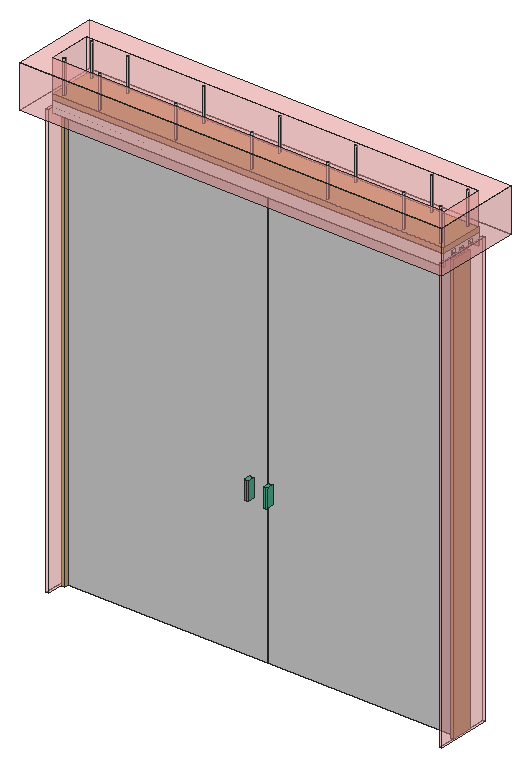
Revit family "Doors-Sliding_WON-DOOR_DuraSound_Manual_Fixed_New", category Doors, host Wall, Revit 2020 (continued)
Definition of nested family "First Part"
  Automatic sketch dimensions
    Masking region 5 sketch curve to Masking region 5 sketch curve = 0' - 0.0403"  (x2)
    Masking region 5 sketch curve to Masking region 5 sketch curve = 0' - 1.03937"  (x2)
    Masking region 5 sketch curve to Masking region 5 sketch curve = 0' - 0.09699"
    Masking region 5 sketch curve to curve 8 = 0' - 0.06953"  (x2)
    Masking region 5 sketch curve to Masking region 5 sketch curve = 0' - 0.05424"  (x2)
    Masking region 5 sketch curve to Masking region 5 sketch curve = 0' - 0.165"  (x2)
    Masking region 5 sketch curve to curve 8 = 0' - 0.23017"  (x2)
    Masking region 5 sketch curve to Masking region 5 sketch curve = 0' - 0.06654"  (x2)
    Masking region 5 sketch curve to Masking region 5 sketch curve = 0' - 0.22589"  (x2)
    Masking region 5 sketch curve to Masking region 5 sketch curve = 0' - 0.46464"
    Masking region 5 sketch curve to Masking region 5 sketch curve = 0' - 1.48"
    Masking region 5 sketch curve to Masking region 5 sketch curve = 0' - 1.52748"
    Masking region 5 sketch curve to Masking region 5 sketch curve = 0' - 0.02374"
    curve 8 to Masking region 5 sketch curve = 0' - 4.94096"
    Masking region 5 sketch curve to Masking region 5 sketch curve = 0' - 0.06801"
    Masking region 5 sketch curve to Masking region 5 sketch curve = 0' - 0.38446"
    Masking region 5 sketch curve to curve 8 = 0' - 0.36875"
    Masking region 5 sketch curve to Masking region 5 sketch curve = 0' - 0.215"
    Masking region 5 sketch curve to Masking region 5 sketch curve = 0' - 1.08364"
    Masking region 5 sketch curve to Masking region 5 sketch curve = 0' - 0.94238"
    curve 8 to Masking region 5 sketch curve = 0' - 4.20896"
    curve 8 to Masking region 5 sketch curve = 0' - 4.52396"
    Masking region 5 sketch curve to Masking region 5 sketch curve = 0' - 0.23546"
    curve 8 to Masking region 5 sketch curve = 0' - 4.91738"
    Masking region 5 sketch curve to Masking region 5 sketch curve = 0' - 0.42411"
    Masking region 5 sketch curve to Masking region 5 sketch curve = 0' - 0.44315"
    Masking region 5 sketch curve to Masking region 5 sketch curve = 0' - 0.48775"
    Masking region 5 sketch curve to Masking region 5 sketch curve = 0' - 0.69007"  (x2)
    Masking region 5 sketch curve to Masking region 5 sketch curve = 0' - 0.71285"
    curve 8 to Masking region 5 sketch curve = 0' - 6.42879"
    Masking region 5 sketch curve to Masking region 5 sketch curve = 0' - 0.315"  (x16)
    Masking region 5 sketch curve to Masking region 5 sketch curve = 0' - 0 1/4"  (x6)
    Masking region 5 sketch curve to Masking region 5 sketch curve = 0' - 0 81/256"
    Masking region 5 sketch curve to Masking region 5 sketch curve = 0' - 0.71661"  (x2)
    Masking region 5 sketch curve to Masking region 5 sketch curve = 0' - 0 1/8"  (x4)
    Masking region 5 sketch curve to Masking region 5 sketch curve = 0' - 0.624"  (x2)
    curve 8 to Masking region 5 sketch curve = 0' - 0.26799"
    Masking region 5 sketch curve to Masking region 5 sketch curve = 0' - 0.03859"  (x2)
    Masking region 5 sketch curve to curve 8 = 0' - 0.33017"
    Masking region 5 sketch curve to curve 8 = 0' - 0.55995"
    Masking region 5 sketch curve to Masking region 5 sketch curve = 0' - 0.35859"
    Masking region 5 sketch curve to Masking region 5 sketch curve = 0' - 0.395"  (x2)
    Masking region 3 sketch curve to Masking region 3 sketch curve = 0' - 0.48775"  (x2)
    Masking region 3 sketch curve to Masking region 3 sketch curve = 0' - 0"
    Masking region 3 sketch curve to Masking region 3 sketch curve = 0' - 0.395"
    Masking region 6 sketch curve to Masking region 6 sketch curve = 0' - 0 1/2"  (x2)
    Masking region 6 sketch curve to Masking region 6 sketch curve = 0' - 0.6683"
    plane 1 "Center (Front/Back)" to Masking region 6 sketch curve = 0' - 1.57856"
    plane 1 "Center (Front/Back)" to Masking region 6 sketch curve = 0' - 0.84517"
    Masking region 6 sketch curve to plane 1 "Center (Front/Back)" = 0' - 0.84517"
    Masking region 6 sketch curve to Masking region 6 sketch curve = 0' - 0.73339"
    Masking region 6 sketch curve to plane 1 "Center (Front/Back)" = 0' - 5.86722"
    curve 8 to Masking region 8 sketch curve = 0' - 4.05955"
    curve 8 to Masking region 8 sketch curve = 2' - 5.13278"
    Masking region 8 sketch curve to Masking region 8 sketch curve = 0' - 0"  (x19)
    Masking region 8 sketch curve to Masking region 8 sketch curve = 0' - 2.97322"
    Masking region 8 sketch curve to curve 8 = 0' - 0.38531"
    Masking region 8 sketch curve to Masking region 8 sketch curve = 0' - 1.604"
    Masking region 8 sketch curve to Masking region 8 sketch curve = 0' - 0.215"  (x2)
    Masking region 8 sketch curve to Masking region 8 sketch curve = 0' - 1.989"  (x2)
    Masking region 8 sketch curve to curve 8 = 0' - 0.03807"  (x2)
    Masking region 8 sketch curve to Masking region 8 sketch curve = 0' - 0.06484"
    Masking region 8 sketch curve to Masking region 8 sketch curve = 0' - 0.14126"  (x2)
    Masking region 8 sketch curve to Masking region 8 sketch curve = 0' - 0.02374"  (x3)
    Masking region 8 sketch curve to Masking region 8 sketch curve = 0' - 0.14962"  (x2)
    Masking region 8 sketch curve to Masking region 8 sketch curve = 0' - 1.38107"
    Masking region 8 sketch curve to Masking region 8 sketch curve = 0' - 1.48"
    Masking region 8 sketch curve to Masking region 8 sketch curve = 0' - 0.165"
    Masking region 8 sketch curve to Masking region 8 sketch curve = 0' - 0.23484"
    Masking region 8 sketch curve to Masking region 8 sketch curve = 0' - 2.98878"
    curve 8 to Masking region 8 sketch curve = 0' - 4.28597"
    Masking region 8 sketch curve to Masking region 8 sketch curve = 0' - 0.22642"  (x2)
    Masking region 8 sketch curve to Masking region 8 sketch curve = 0' - 0.315"  (x13)
    Masking region 8 sketch curve to Masking region 8 sketch curve = 0' - 0 1/4"  (x4)
    Masking region 8 sketch curve to Masking region 8 sketch curve = 0' - 0 81/256"  (x4)
    Masking region 8 sketch curve to Masking region 8 sketch curve = 0' - 0.84161"  (x2)
    Masking region 8 sketch curve to Masking region 8 sketch curve = 0' - 1"  (x2)
    curve 8 to Masking region 8 sketch curve = 0' - 0.26799"
    curve 8 to Masking region 8 sketch curve = 0' - 0.03929"  (x2)
    Masking region 8 sketch curve to Masking region 8 sketch curve = 0' - 0.19209"
    Masking region 8 sketch curve to Masking region 8 sketch curve = 0' - 0.08824"  (x2)
    Masking region 8 sketch curve to curve 8 = 0' - 0.29707"
    Masking region 8 sketch curve to Masking region 8 sketch curve = 0' - 0.73703"  (x2)
    Masking region 6 sketch curve to Masking region 6 sketch curve = 0' - 2.98878"
    Masking region 7 sketch curve to curve 1 = 0' - 2.5483"
    Masking region 7 sketch curve to curve 1 = 0' - 5.86722"
    Masking region 7 sketch curve to Masking region 7 sketch curve = 0' - 0"  (x18)
    Masking region 7 sketch curve to curve 1 = 0' - 1.57856"
    Masking region 7 sketch curve to Masking region 7 sketch curve = 0' - 0 1/32"  (x6)
    Masking region 7 sketch curve to Masking region 7 sketch curve = 0' - 0.70214"  (x2)
    Masking region 7 sketch curve to Masking region 7 sketch curve = 0' - 0 5/64"  (x2)
    Masking region 7 sketch curve to curve 1 = 0' - 0.76374"
    Masking region 7 sketch curve to Masking region 7 sketch curve = 0' - 0.00331"  (x2)
    Masking region 7 sketch curve to curve 1 = 0' - 0.10981"
    curve 1 to Masking region 7 sketch curve = 0' - 0.07856"
    curve 1 to Masking region 7 sketch curve = 0' - 0.76374"  (x2)
    Masking region 7 sketch curve to curve 1 = 0' - 1.9183"
    Masking region 7 sketch curve to Masking region 7 sketch curve = 0' - 4.30422"
    Masking region 7 sketch curve to curve 1 = 0' - 1 1/4"
    Masking region 7 sketch curve to Masking region 7 sketch curve = 0' - 0.6683"
    Masking region 7 sketch curve to Masking region 7 sketch curve = 0' - 0 15/32"  (x2)
    curve 1 to Masking region 7 sketch curve = 0' - 0 3/4"  (x2)
    Masking region 7 sketch curve to Masking region 7 sketch curve = 0' - 0.63"
    Masking region 7 sketch curve to Masking region 7 sketch curve = 0' - 0.315"  (x13)
    Masking region 7 sketch curve to Masking region 7 sketch curve = 0' - 0 81/256"  (x4)
    Masking region 7 sketch curve to Masking region 7 sketch curve = 0' - 0 1/4"  (x4)
    Masking region 9 sketch curve to plane 1 "Center (Front/Back)" = 0' - 0.84517"
    plane 1 "Center (Front/Back)" to Masking region 9 sketch curve = 0' - 0.84517"
    Masking region 9 sketch curve to Masking region 9 sketch curve = 0' - 0.73339"  (x2)
    Masking region 9 sketch curve to Masking region 9 sketch curve = 0' - 4.28867"
    Masking region 9 sketch curve to Masking region 9 sketch curve = 0' - 4.30422"
    curve 4 to curve 1 = 0' - 0"
    curve 4 to curve 1 = 0' - 11.99789"
    curve 1 to curve 3 = 0' - 0 5/8"
    curve 1 to curve 6 = 0' - 0 5/8"
    curve 9 to curve 1 = 0' - 5.86722"
    curve 9 to curve 1 = 0' - 5.27969"
    curve 1 to curve 9 = 0' - 5.88278"
    curve 8 to curve 10 = 0' - 6.99379"
    curve 8 to curve 10 = 2' - 5.13278"
    curve 10 to curve 10 = 0' - 11 3/4"
    curve 1 to curve 3 = 0' - 1.8731"
    curve 3 to curve 3 = 0' - 1 5/8"
    curve 3 to curve 6 = 0' - 8.49979"
    curve 1 to curve 2 = 0' - 0 5/8"
    curve 2 to curve 1 = 0' - 3.4981"
    curve 2 to curve 2 = 0' - 1 5/8"
Definition of nested family "Second Part"
  Parameters (values of type "Second Part")
    Wall Construction [instance] = yes
    Stack Depth [instance] = 2' - 0"
    Single Door [instance] = yes
    Open [instance] = yes
    Double Door [instance] = yes
    Door Geometry [instance] = if(and(Open, Double Door), 1 = 1, 1 = 2)  # yes
    Closed [instance] = not(Open)  # no
    Backing Profile [instance] = no
    Backing Masking [instance] = if(and(Single Door, Backing Profile), 1 = 1, 1 = 2)  # no
  Reference planes (in)
    plane 1 "Center (Front/Back)": y = 0
    plane 2: z = 0
    plane 3 "Center (Left/Right)": x = 0
    plane 4: x = -24
  Lines and regions (in)
    Masking region 1, in view "Ref. Level", visible <- "Wall Construction"
      outline origin (-24, 35, 0) x (0, -1, 0) y (1, 0, 0)
        loop
          line (23.00211, 0) -> (23.00211, -0.625) -> (46.99789, -0.625) -> (46.99789, 0) -> (23.00211, 0)
    Masking region 2, in view "Ref. Level", visible <- "Backing Masking"
      outline origin (-24, 35, 0) x (0, -1, 0) y (1, 0, 0)
        loop
          line (33.1269, -0.625) -> (31.5019, -0.625) -> (31.5019, -0.75) -> (33.0019, -0.75) -> (33.0019, -4.125) -> (31.5019, -4.125) -> (31.5019, -4.25) -> (33.1269, -4.25) -> (33.1269, -0.625)
        loop
          line (36.8731, -0.625) -> (36.8731, -4.25) -> (38.4981, -4.25) -> (38.4981, -4.125) -> (36.9981, -4.125) -> (36.9981, -0.75) -> (38.4981, -0.75) -> (38.4981, -0.625) -> (36.8731, -0.625)
    Masking region 3, in view "Ref. Level"
      outline origin (0, 0, 0) x (1, 0, 0) y (0, 1, 0)
        loop
          line (-24, 2.75449) -> (-24, -2.75449) -> (-23.25266, -2.75449) -> (-23.25266, 2.75449) -> (-24, 2.75449)
    Masking region 4, in view "Ref. Level", visible <- "Door Geometry", detail levels fine
      outline origin (0, 0, 0) x (1, 0, 0) y (0, 1, 0)
        loop
          line (-22.75, 1.57856) -> (-23.25266, 1.57856) -> (-23.25266, -1.57856) -> (-22.75, -1.57856) -> (-22.75, -0.84517) -> (-22.0817, -0.84517) -> (-22.0817, -1.84738) -> (-21.97292, -2.43998) -> (-22.14509, -3.08254) -> (-22.14509, -3.40471) -> (-21.97418, -4.04256) -> (-22.05812, -4.63987) -> (-22.05812, -5.14843) -> (-22.05812, -5.83851) -> (-21.74312, -5.88278) -> (-3.72097, -5.88278) -> (-3.72097, -5.12761) -> (-3.72097, -4.63987) -> (-3.63703, -4.04256) -> (-3.80794, -3.40471) -> (-3.80794, -3.08254) -> (-3.64396, -2.47054) -> (-3.64396, -2.39538) -> (-3.74455, -1.84738) -> (-3.74455, -0.905) -> (-3.02794, -0.905) -> (-3.02794, -1.081) -> (-2.90294, -1.081) -> (-2.90294, -2.706)
          arc (-2.90294, -2.706) -> (-2.84788, -2.83894) -> (-2.71494, -2.894) r 0.188
          line (-2.71494, -2.894) -> (-2.09094, -2.894)
          arc (-2.09094, -2.894) -> (-1.95801, -2.83894) -> (-1.90294, -2.706) r 0.188
          line (-1.90294, -2.706) -> (-1.90294, -1.081) -> (-1.77794, -1.081) -> (-1.77794, -0.905) -> (0, -0.905) -> (0, 0.905) -> (-1.77794, 0.905) -> (-1.77794, 1.081) -> (-1.90294, 1.081) -> (-1.90294, 2.706)
          arc (-1.90294, 2.706) -> (-1.95801, 2.83894) -> (-2.09094, 2.894) r 0.188
          line (-2.09094, 2.894) -> (-2.71494, 2.894)
          arc (-2.71494, 2.894) -> (-2.84788, 2.83894) -> (-2.90294, 2.706) r 0.188
          line (-2.90294, 2.706) -> (-2.90294, 1.081) -> (-3.02794, 1.081) -> (-3.02794, 0.905) -> (-3.74455, 0.905) -> (-3.74455, 1.84738) -> (-3.64396, 2.39538) -> (-3.64396, 2.47054) -> (-3.80794, 3.08254) -> (-3.80794, 3.40471) -> (-3.63703, 4.04256) -> (-3.72097, 4.63987) -> (-3.72097, 5.12761) -> (-3.72097, 5.86722) -> (-21.74312, 5.86722) -> (-22.05812, 5.82295) -> (-22.05812, 5.14843) -> (-22.05812, 4.63987) -> (-21.97418, 4.04256) -> (-22.14509, 3.40471) -> (-22.14509, 3.08254) -> (-21.97292, 2.43998) -> (-22.0817, 1.84738) -> (-22.0817, 0.84517) -> (-22.75, 0.84517) -> (-22.75, 1.57856)
    Masking region 5, in view "Ref. Level", visible <- "Door Geometry", detail levels fine
      outline origin (-24, 35, 0) x (0, -1, 0) y (1, 0, 0)
        loop
          line (33.42144, 0.75) -> (33.54644, 0.75) -> (33.54644, 0.78125) -> (33.45269, 0.78125) -> (33.45269, 1.21875) -> (34.89019, 1.21875) -> (34.89019, 0.78125) -> (34.79644, 0.78125) -> (34.79644, 0.75) -> (34.92144, 0.75) -> (34.92144, 1.25) -> (34.23295, 1.25) -> (34.23295, 1.94188) -> (34.19199, 2.2333) -> (33.15262, 2.2333) -> (32.60462, 2.33389) -> (32.52946, 2.33389) -> (31.91746, 2.16991) -> (31.59529, 2.16991) -> (30.95744, 2.34082) -> (30.36013, 2.25688) -> (29.91698, 2.25688) -> (29.13278, 2.25688) -> (29.17705, 1.94188) -> (29.85157, 1.94188) -> (30.36013, 1.94188) -> (30.95744, 2.02582) -> (31.59529, 1.85491) -> (31.91746, 1.85491) -> (32.52946, 2.01889) -> (32.60462, 2.01889) -> (33.15262, 1.9183) -> (34.15483, 1.9183) -> (34.15483, 1.25) -> (33.42144, 1.25) -> (33.42144, 0.75)
        loop
          line (36.57856, 0.75) -> (36.57856, 1.25) -> (35.84517, 1.25) -> (35.84517, 1.9183) -> (36.84738, 1.9183) -> (37.39538, 2.01889) -> (37.47054, 2.01889) -> (38.08254, 1.85491) -> (38.40471, 1.85491) -> (39.04256, 2.02582) -> (39.63987, 1.94188) -> (40.14843, 1.94188) -> (40.83851, 1.94188) -> (40.88278, 2.25688) -> (40.08302, 2.25688) -> (39.63987, 2.25688) -> (39.04256, 2.34082) -> (38.40471, 2.16991) -> (38.08254, 2.16991) -> (37.47054, 2.33389) -> (37.39538, 2.33389) -> (36.84738, 2.2333) -> (35.80801, 2.2333) -> (35.76705, 1.94188) -> (35.76705, 1.25) -> (35.07856, 1.25) -> (35.07856, 0.75) -> (35.20356, 0.75) -> (35.20356, 0.78125) -> (35.10981, 0.78125) -> (35.10981, 1.21875) -> (36.54731, 1.21875) -> (36.54731, 0.78125) -> (36.45356, 0.78125) -> (36.45356, 0.75) -> (36.57856, 0.75)
        loop
          line (34.23626, 2.5483) -> (34.19199, 2.8633) -> (33.15262, 2.8633) -> (32.60462, 2.96389) -> (32.52946, 2.96389) -> (31.91746, 2.79991) -> (31.59529, 2.79991) -> (30.95744, 2.97082) -> (30.36013, 2.88688) -> (29.90845, 2.88688) -> (29.13278, 2.88688) -> (29.17705, 2.57188) -> (29.85157, 2.57188) -> (30.36013, 2.57188) -> (30.95744, 2.65582) -> (31.59529, 2.48491) -> (31.91746, 2.48491) -> (32.52946, 2.64889) -> (32.60462, 2.64889) -> (33.15262, 2.5483) -> (34.23626, 2.5483)
        loop
          line (34.23626, 3.74471) -> (34.19199, 4.05971) -> (33.15262, 4.05971) -> (32.60462, 4.1603) -> (32.52946, 4.1603) -> (31.91746, 3.99632) -> (31.59529, 3.99632) -> (30.95744, 4.16723) -> (30.36013, 4.08328) -> (29.93603, 4.08328) -> (29.13278, 4.08328) -> (29.17705, 3.76828) -> (30.36013, 3.76828) -> (30.95744, 3.85223) -> (31.59529, 3.68132) -> (31.91746, 3.68132) -> (32.52946, 3.8453) -> (32.60462, 3.8453) -> (33.15262, 3.74471) -> (34.23626, 3.74471)
        loop
          line (29.17705, 4.39969) -> (30.36013, 4.39969) -> (30.95744, 4.48364) -> (31.59529, 4.31272) -> (31.91746, 4.31272) -> (32.52946, 4.47671) -> (32.60462, 4.47671) -> (33.15262, 4.37611) -> (34.23626, 4.37611) -> (34.19199, 4.69111) -> (33.15262, 4.69111) -> (32.60462, 4.79171) -> (32.52946, 4.79171) -> (31.91746, 4.62772) -> (31.59529, 4.62772) -> (30.95744, 4.79864) -> (30.36013, 4.71469) -> (29.87434, 4.71469) -> (29.13278, 4.71469) -> (29.17705, 4.39969)
        loop
          line (29.17705, 4.96469) -> (30.36013, 4.96469) -> (30.95744, 5.04864) -> (31.59529, 4.87772) -> (31.91746, 4.87772) -> (32.52946, 5.04171) -> (32.60462, 5.04171) -> (33.15262, 4.94111) -> (34.23626, 4.94111) -> (34.19199, 5.25611) -> (33.15262, 5.25611) -> (32.60462, 5.35671) -> (32.52946, 5.35671) -> (31.91746, 5.19272) -> (31.59529, 5.19272) -> (30.95744, 5.36364) -> (30.36013, 5.27969) -> (29.87239, 5.27969) -> (29.13278, 5.27969) -> (29.17705, 4.96469)
        loop
          line (35.76374, 2.5483) -> (36.84738, 2.5483) -> (37.39538, 2.64889) -> (37.47054, 2.64889) -> (38.08254, 2.48491) -> (38.40471, 2.48491) -> (39.04256, 2.65582) -> (39.63987, 2.57188) -> (40.14843, 2.57188) -> (40.83851, 2.57188) -> (40.88278, 2.88688) -> (40.09155, 2.88688) -> (39.63987, 2.88688) -> (39.04256, 2.97082) -> (38.40471, 2.79991) -> (38.08254, 2.79991) -> (37.47054, 2.96389) -> (37.39538, 2.96389) -> (36.84738, 2.8633) -> (35.80801, 2.8633) -> (35.76374, 2.5483)
        loop
          line (35.76374, 3.74471) -> (36.84738, 3.74471) -> (37.39538, 3.8453) -> (37.47054, 3.8453) -> (38.08254, 3.68132) -> (38.40471, 3.68132) -> (39.04256, 3.85223) -> (39.63987, 3.76828) -> (40.83851, 3.76828) -> (40.88278, 4.08328) -> (40.06397, 4.08328) -> (39.63987, 4.08328) -> (39.04256, 4.16723) -> (38.40471, 3.99632) -> (38.08254, 3.99632) -> (37.47054, 4.1603) -> (37.39538, 4.1603) -> (36.84738, 4.05971) -> (35.80801, 4.05971) -> (35.76374, 3.74471)
        loop
          line (40.83851, 4.39969) -> (40.88278, 4.71469) -> (40.12566, 4.71469) -> (39.63987, 4.71469) -> (39.04256, 4.79864) -> (38.40471, 4.62772) -> (38.08254, 4.62772) -> (37.47054, 4.79171) -> (37.39538, 4.79171) -> (36.84738, 4.69111) -> (35.80801, 4.69111) -> (35.76374, 4.37611) -> (36.84738, 4.37611) -> (37.39538, 4.47671) -> (37.47054, 4.47671) -> (38.08254, 4.31272) -> (38.40471, 4.31272) -> (39.04256, 4.48364) -> (39.63987, 4.39969) -> (40.83851, 4.39969)
        loop
          line (40.83851, 4.96469) -> (40.88278, 5.27969) -> (40.12761, 5.27969) -> (39.63987, 5.27969) -> (39.04256, 5.36364) -> (38.40471, 5.19272) -> (38.08254, 5.19272) -> (37.47054, 5.35671) -> (37.39538, 5.35671) -> (36.84738, 5.25611) -> (35.80801, 5.25611) -> (35.76374, 4.94111) -> (36.84738, 4.94111) -> (37.39538, 5.04171) -> (37.47054, 5.04171) -> (38.08254, 4.87772) -> (38.40471, 4.87772) -> (39.04256, 5.04864) -> (39.63987, 4.96469) -> (40.83851, 4.96469)
        loop
          line (34.23626, 3.17971) -> (34.19199, 3.49471) -> (33.15262, 3.49471) -> (32.60462, 3.5953) -> (32.52946, 3.5953) -> (31.91746, 3.43132) -> (31.59529, 3.43132) -> (30.95744, 3.60223) -> (30.36013, 3.51828) -> (29.90845, 3.51828) -> (29.13278, 3.51828) -> (29.17705, 3.20328) -> (29.85157, 3.20328) -> (30.36013, 3.20328) -> (30.95744, 3.28723) -> (31.59529, 3.11632) -> (31.91746, 3.11632) -> (32.52946, 3.2803) -> (32.60462, 3.2803) -> (33.15262, 3.17971) -> (34.23626, 3.17971)
        loop
          line (35.76374, 3.17971) -> (36.84738, 3.17971) -> (37.39538, 3.2803) -> (37.47054, 3.2803) -> (38.08254, 3.11632) -> (38.40471, 3.11632) -> (39.04256, 3.28723) -> (39.63987, 3.20328) -> (40.14843, 3.20328) -> (40.83851, 3.20328) -> (40.88278, 3.51828) -> (40.09155, 3.51828) -> (39.63987, 3.51828) -> (39.04256, 3.60223) -> (38.40471, 3.43132) -> (38.08254, 3.43132) -> (37.47054, 3.5953) -> (37.39538, 3.5953) -> (36.84738, 3.49471) -> (35.80801, 3.49471) -> (35.76374, 3.17971)
    Masking region 6, in view "Ref. Level", visible <- "Door Geometry", detail levels fine
      outline origin (0, 35, 0) x (0, -1, 0) y (1, 0, 0)
        loop
          line (35.74, -0.26799) -> (35.74, -3.74455) -> (35.74, -4.05955) -> (36.84738, -4.05955) -> (37.39538, -3.95896) -> (37.47054, -3.95896) -> (38.08254, -4.12294) -> (38.40471, -4.12294) -> (39.04256, -3.95203) -> (39.63987, -4.03597) -> (40.83851, -4.03597) -> (40.88278, -3.72097) -> (40.12761, -3.72097) -> (39.63987, -3.72097) -> (39.04256, -3.63703) -> (38.40471, -3.80794) -> (38.08254, -3.80794) -> (37.47054, -3.64396) -> (37.39538, -3.64396) -> (36.84738, -3.74455) -> (35.905, -3.74455) -> (35.905, -3.02794) -> (36.081, -3.02794) -> (36.081, -2.90294) -> (37.706, -2.90294)
          arc (37.706, -2.90294) -> (37.83894, -2.84788) -> (37.894, -2.71494) r 0.188
          line (37.894, -2.71494) -> (37.894, -2.09094)
          arc (37.894, -2.09094) -> (37.83894, -1.95801) -> (37.706, -1.90294) r 0.188
          line (37.706, -1.90294) -> (36.081, -1.90294) -> (36.081, -1.77794) -> (35.905, -1.77794) -> (35.905, 0) -> (34.095, 0) -> (34.095, -1.77794) -> (33.919, -1.77794) -> (33.919, -1.90294) -> (32.294, -1.90294)
          arc (32.294, -1.90294) -> (32.16106, -1.95801) -> (32.106, -2.09094) r 0.188
          line (32.106, -2.09094) -> (32.106, -2.71494)
          arc (32.106, -2.71494) -> (32.16106, -2.84788) -> (32.294, -2.90294) r 0.188
          line (32.294, -2.90294) -> (33.919, -2.90294) -> (33.919, -3.02794) -> (34.095, -3.02794) -> (34.095, -3.74455) -> (33.15262, -3.74455) -> (32.60462, -3.64396) -> (32.52946, -3.64396) -> (31.91746, -3.80794) -> (31.59529, -3.80794) -> (30.95744, -3.63703) -> (30.36013, -3.72097) -> (29.87239, -3.72097) -> (29.13278, -3.72097) -> (29.17705, -4.03597) -> (30.36013, -4.03597) -> (30.95744, -3.95203) -> (31.59529, -4.12294) -> (31.91746, -4.12294) -> (32.52946, -3.95896) -> (32.60462, -3.95896) -> (33.15262, -4.05955) -> (34.26, -4.05955) -> (34.26, -3.74455) -> (34.26, -0.26799) -> (35.74, -0.26799)
        loop
          line (34.23626, -7.08236) -> (34.19199, -6.76736) -> (33.15262, -6.76736) -> (32.60462, -6.66677) -> (32.52946, -6.66677) -> (31.91746, -6.83076) -> (31.59529, -6.83076) -> (30.95744, -6.65984) -> (30.36013, -6.74379) -> (29.91698, -6.74379) -> (29.13278, -6.74379) -> (29.17705, -7.05879) -> (29.85157, -7.05879) -> (30.36013, -7.05879) -> (30.95744, -6.97484) -> (31.59529, -7.14576) -> (31.91746, -7.14576) -> (32.52946, -6.98177) -> (32.60462, -6.98177) -> (33.15262, -7.08236) -> (34.23626, -7.08236)
        loop
          line (34.23626, -6.45236) -> (34.19199, -6.13736) -> (33.15262, -6.13736) -> (32.60462, -6.03677) -> (32.52946, -6.03677) -> (31.91746, -6.20076) -> (31.59529, -6.20076) -> (30.95744, -6.02984) -> (30.36013, -6.11379) -> (29.90845, -6.11379) -> (29.13278, -6.11379) -> (29.17705, -6.42879) -> (29.85157, -6.42879) -> (30.36013, -6.42879) -> (30.95744, -6.34484) -> (31.59529, -6.51576) -> (31.91746, -6.51576) -> (32.52946, -6.35177) -> (32.60462, -6.35177) -> (33.15262, -6.45236) -> (34.23626, -6.45236)
        loop
          line (34.23626, -5.25596) -> (34.19199, -4.94096) -> (33.15262, -4.94096) -> (32.60462, -4.84036) -> (32.52946, -4.84036) -> (31.91746, -5.00435) -> (31.59529, -5.00435) -> (30.95744, -4.83344) -> (30.36013, -4.91738) -> (29.93603, -4.91738) -> (29.13278, -4.91738) -> (29.17705, -5.23238) -> (30.36013, -5.23238) -> (30.95744, -5.14844) -> (31.59529, -5.31935) -> (31.91746, -5.31935) -> (32.52946, -5.15536) -> (32.60462, -5.15536) -> (33.15262, -5.25596) -> (34.23626, -5.25596)
        loop
          line (29.17705, -4.60097) -> (30.36013, -4.60097) -> (30.95744, -4.51703) -> (31.59529, -4.68794) -> (31.91746, -4.68794) -> (32.52946, -4.52396) -> (32.60462, -4.52396) -> (33.15262, -4.62455) -> (34.23626, -4.62455) -> (34.19199, -4.30955) -> (33.15262, -4.30955) -> (32.60462, -4.20896) -> (32.52946, -4.20896) -> (31.91746, -4.37294) -> (31.59529, -4.37294) -> (30.95744, -4.20203) -> (30.36013, -4.28597) -> (29.87434, -4.28597) -> (29.13278, -4.28597) -> (29.17705, -4.60097)
        loop
          line (35.76374, -7.08236) -> (36.84738, -7.08236) -> (37.39538, -6.98177) -> (37.47054, -6.98177) -> (38.08254, -7.14576) -> (38.40471, -7.14576) -> (39.04256, -6.97484) -> (39.63987, -7.05879) -> (40.14843, -7.05879) -> (40.83851, -7.05879) -> (40.88278, -6.74379) -> (40.08302, -6.74379) -> (39.63987, -6.74379) -> (39.04256, -6.65984) -> (38.40471, -6.83076) -> (38.08254, -6.83076) -> (37.47054, -6.66677) -> (37.39538, -6.66677) -> (36.84738, -6.76736) -> (35.80801, -6.76736) -> (35.76374, -7.08236)
        loop
          line (35.76374, -6.45236) -> (36.84738, -6.45236) -> (37.39538, -6.35177) -> (37.47054, -6.35177) -> (38.08254, -6.51576) -> (38.40471, -6.51576) -> (39.04256, -6.34484) -> (39.63987, -6.42879) -> (40.14843, -6.42879) -> (40.83851, -6.42879) -> (40.88278, -6.11379) -> (40.09155, -6.11379) -> (39.63987, -6.11379) -> (39.04256, -6.02984) -> (38.40471, -6.20076) -> (38.08254, -6.20076) -> (37.47054, -6.03677) -> (37.39538, -6.03677) -> (36.84738, -6.13736) -> (35.80801, -6.13736) -> (35.76374, -6.45236)
        loop
          line (35.76374, -5.25596) -> (36.84738, -5.25596) -> (37.39538, -5.15536) -> (37.47054, -5.15536) -> (38.08254, -5.31935) -> (38.40471, -5.31935) -> (39.04256, -5.14844) -> (39.63987, -5.23238) -> (40.83851, -5.23238) -> (40.88278, -4.91738) -> (40.06397, -4.91738) -> (39.63987, -4.91738) -> (39.04256, -4.83344) -> (38.40471, -5.00435) -> (38.08254, -5.00435) -> (37.47054, -4.84036) -> (37.39538, -4.84036) -> (36.84738, -4.94096) -> (35.80801, -4.94096) -> (35.76374, -5.25596)
        loop
          line (40.83851, -4.60097) -> (40.88278, -4.28597) -> (40.12566, -4.28597) -> (39.63987, -4.28597) -> (39.04256, -4.20203) -> (38.40471, -4.37294) -> (38.08254, -4.37294) -> (37.47054, -4.20896) -> (37.39538, -4.20896) -> (36.84738, -4.30955) -> (35.80801, -4.30955) -> (35.76374, -4.62455) -> (36.84738, -4.62455) -> (37.39538, -4.52396) -> (37.47054, -4.52396) -> (38.08254, -4.68794) -> (38.40471, -4.68794) -> (39.04256, -4.51703) -> (39.63987, -4.60097) -> (40.83851, -4.60097)
        loop
          line (34.23626, -5.82096) -> (34.19199, -5.50596) -> (33.15262, -5.50596) -> (32.60462, -5.40536) -> (32.52946, -5.40536) -> (31.91746, -5.56935) -> (31.59529, -5.56935) -> (30.95744, -5.39844) -> (30.36013, -5.48238) -> (29.90845, -5.48238) -> (29.13278, -5.48238) -> (29.17705, -5.79738) -> (29.85157, -5.79738) -> (30.36013, -5.79738) -> (30.95744, -5.71344) -> (31.59529, -5.88435) -> (31.91746, -5.88435) -> (32.52946, -5.72036) -> (32.60462, -5.72036) -> (33.15262, -5.82096) -> (34.23626, -5.82096)
        loop
          line (35.76374, -5.82096) -> (36.84738, -5.82096) -> (37.39538, -5.72036) -> (37.47054, -5.72036) -> (38.08254, -5.88435) -> (38.40471, -5.88435) -> (39.04256, -5.71344) -> (39.63987, -5.79738) -> (40.14843, -5.79738) -> (40.83851, -5.79738) -> (40.88278, -5.48238) -> (40.09155, -5.48238) -> (39.63987, -5.48238) -> (39.04256, -5.39844) -> (38.40471, -5.56935) -> (38.08254, -5.56935) -> (37.47054, -5.40536) -> (37.39538, -5.40536) -> (36.84738, -5.50596) -> (35.80801, -5.50596) -> (35.76374, -5.82096)
    Masking region 7, in view "Ref. Level", visible <- "Door Geometry", detail levels medium
      outline origin (0, 0, 0) x (1, 0, 0) y (0, 1, 0)
        loop
          line (-23.25, 1.57856) -> (-23.25, -1.57856) -> (-22.75, -1.57856) -> (-22.75, -0.84517) -> (-22.0817, -0.84517) -> (-22.0817, -5.88278) -> (-3.74455, -5.88278) -> (-3.74455, -0.905) -> (-2.90294, -0.905) -> (-2.90294, -2.894) -> (-1.90294, -2.894) -> (-1.90294, -0.905) -> (0, -0.905) -> (0, 0.905) -> (-1.90294, 0.905) -> (-1.90294, 2.894) -> (-2.90294, 2.894) -> (-2.90294, 0.905) -> (-3.74455, 0.905) -> (-3.74455, 5.86722) -> (-22.0817, 5.86722) -> (-22.0817, 0.84517) -> (-22.75, 0.84517) -> (-22.75, 1.57856) -> (-23.25, 1.57856)
    Masking region 8, in view "Ref. Level", visible <- "Door Geometry", detail levels medium
      outline origin (-24, 35, 0) x (0, -1, 0) y (1, 0, 0)
        loop
          line (33.42144, 0.75) -> (33.45269, 0.75) -> (33.45269, 1.21875) -> (34.89019, 1.21875) -> (34.89019, 0.75) -> (34.92144, 0.75) -> (34.92144, 1.25) -> (34.23295, 1.25) -> (34.23295, 2.2333) -> (29.13278, 2.2333) -> (29.13278, 1.9183) -> (34.15483, 1.9183) -> (34.15483, 1.25) -> (33.42144, 1.25) -> (33.42144, 0.75)
        loop
          line (36.54731, 1.21875) -> (36.54731, 0.75) -> (36.57856, 0.75) -> (36.57856, 1.25) -> (35.84517, 1.25) -> (35.84517, 1.9183) -> (40.88278, 1.9183) -> (40.88278, 2.2333) -> (35.76705, 2.2333) -> (35.76705, 1.25) -> (35.07856, 1.25) -> (35.07856, 0.75) -> (35.10981, 0.75) -> (35.10981, 1.21875) -> (36.54731, 1.21875)
        loop
          line (34.23626, 2.5483) -> (34.23626, 2.8633) -> (29.13278, 2.8633) -> (29.13278, 2.5483) -> (34.23626, 2.5483)
        loop
          line (34.23626, 3.74471) -> (34.23626, 4.05971) -> (29.13278, 4.05971) -> (29.13278, 3.74471) -> (34.23626, 3.74471)
        loop
          line (34.23626, 4.37611) -> (34.23626, 4.69111) -> (29.13278, 4.69111) -> (29.13278, 4.37611) -> (34.23626, 4.37611)
        loop
          line (34.23626, 4.94111) -> (34.23626, 5.25611) -> (29.13278, 5.25611) -> (29.13278, 4.94111) -> (34.23626, 4.94111)
        loop
          line (34.23626, 3.17971) -> (34.23626, 3.49471) -> (29.13278, 3.49471) -> (29.13278, 3.17971) -> (34.23626, 3.17971)
        loop
          line (35.76374, 2.5483) -> (40.88278, 2.5483) -> (40.88278, 2.8633) -> (35.76374, 2.8633) -> (35.76374, 2.5483)
        loop
          line (35.76374, 3.74471) -> (40.88278, 3.74471) -> (40.88278, 4.05971) -> (35.76374, 4.05971) -> (35.76374, 3.74471)
        loop
          line (35.76374, 4.37611) -> (40.88278, 4.37611) -> (40.88278, 4.69111) -> (35.76374, 4.69111) -> (35.76374, 4.37611)
        loop
          line (35.76374, 4.94111) -> (40.88278, 4.94111) -> (40.88278, 5.25611) -> (35.76374, 5.25611) -> (35.76374, 4.94111)
        loop
          line (35.76374, 3.17971) -> (40.88278, 3.17971) -> (40.88278, 3.49471) -> (35.76374, 3.49471) -> (35.76374, 3.17971)
    Masking region 9, in view "Ref. Level", visible <- "Door Geometry", detail levels medium
      outline origin (0, 35, 0) x (0, -1, 0) y (1, 0, 0)
        loop
          line (35.74, -0.26799) -> (35.74, -3.74455) -> (35.74, -4.05955) -> (40.88278, -4.05955) -> (40.88278, -3.74455) -> (35.905, -3.74455) -> (35.905, -2.90294) -> (37.894, -2.90294) -> (37.894, -1.90294) -> (35.905, -1.90294) -> (35.905, 0) -> (34.095, 0) -> (34.095, -1.90294) -> (32.106, -1.90294) -> (32.106, -2.90294) -> (34.095, -2.90294) -> (34.095, -3.74455) -> (29.13278, -3.74455) -> (29.13278, -4.05955) -> (34.26, -4.05955) -> (34.26, -3.74455) -> (34.26, -0.26799) -> (35.74, -0.26799)
        loop
          line (34.23626, -6.99379) -> (34.23626, -6.67879) -> (29.13278, -6.67879) -> (29.13278, -6.99379) -> (34.23626, -6.99379)
        loop
          line (34.23626, -5.79738) -> (34.23626, -5.48238) -> (29.13278, -5.48238) -> (29.13278, -5.79738) -> (34.23626, -5.79738)
        loop
          line (34.23626, -5.16597) -> (34.23626, -4.85097) -> (29.13278, -4.85097) -> (29.13278, -5.16597) -> (34.23626, -5.16597)
        loop
          line (34.23626, -4.60097) -> (34.23626, -4.28597) -> (29.13278, -4.28597) -> (29.13278, -4.60097) -> (34.23626, -4.60097)
        loop
          line (34.23626, -6.36238) -> (34.23626, -6.04738) -> (29.13278, -6.04738) -> (29.13278, -6.36238) -> (34.23626, -6.36238)
        loop
          line (35.76374, -6.99379) -> (40.88278, -6.99379) -> (40.88278, -6.67879) -> (35.76374, -6.67879) -> (35.76374, -6.99379)
        loop
          line (35.76374, -5.79738) -> (40.88278, -5.79738) -> (40.88278, -5.48238) -> (35.76374, -5.48238) -> (35.76374, -5.79738)
        loop
          line (35.76374, -5.16597) -> (40.88278, -5.16597) -> (40.88278, -4.85097) -> (35.76374, -4.85097) -> (35.76374, -5.16597)
        loop
          line (35.76374, -4.60097) -> (40.88278, -4.60097) -> (40.88278, -4.28597) -> (35.76374, -4.28597) -> (35.76374, -4.60097)
        loop
          line (35.76374, -6.36238) -> (40.88278, -6.36238) -> (40.88278, -6.04738) -> (35.76374, -6.04738) -> (35.76374, -6.36238)
    Masking region 10, in view "Ref. Level", visible <- "Door Geometry", detail levels coarse
      outline origin (0, 0, 0) x (1, 0, 0) y (0, 1, 0)
        loop
          line (-22.0817, 5.86722) -> (-22.0817, 0.84517) -> (-22.75, 0.84517) -> (-22.75, 1.57856) -> (-23.25, 1.57856) -> (-23.25, -1.57856) -> (-22.75, -1.57856) -> (-22.75, -0.84517) -> (-22.0817, -0.84517) -> (-22.0817, -5.88278) -> (-3.74455, -5.88278) -> (-3.74455, -2.894) -> (-1.90294, -2.894) -> (-1.90294, -1.29) -> (0, -1.29) -> (0, 1.29) -> (-1.90294, 1.29) -> (-1.90294, 2.894) -> (-3.74455, 2.894) -> (-3.74455, 5.86722) -> (-22.0817, 5.86722)
    Masking region 11, in view "Ref. Level", visible <- "Single Door", detail levels fine
      outline origin (-89.43859, -6.07859, 0) x (0, -1, 0) y (1, 0, 0)
        loop
          line (-6.98359, 67.45227) -> (-6.98359, 66.18593) -> (-5.17359, 66.18593) -> (-5.17359, 67.45227)
          arc (-5.17359, 67.45227) -> (-5.2018, 67.53101) -> (-5.27359, 67.57393) r 0.124
          line (-5.27359, 67.57393) -> (-5.27359, 67.93793)
          arc (-5.27359, 67.93793) -> (-5.29774, 67.96735) -> (-5.33131, 67.94941) r 0.03
          line (-5.33131, 67.94941) -> (-5.37293, 67.84893) -> (-5.61109, 67.84893) -> (-5.61109, 67.88073)
          arc (-5.61109, 67.88073) -> (-6.07859, 67.95891) -> (-6.54609, 67.88073) r 1.43699
          line (-6.54609, 67.88073) -> (-6.54609, 67.84893) -> (-6.78426, 67.84893) -> (-6.82588, 67.94941)
          arc (-6.82588, 67.94941) -> (-6.85945, 67.96735) -> (-6.88359, 67.93793) r 0.03
          line (-6.88359, 67.93793) -> (-6.88359, 67.57393)
          arc (-6.88359, 67.57393) -> (-6.95538, 67.53101) -> (-6.98359, 67.45227) r 0.124
    Masking region 12, in view "Ref. Level", visible <- "Single Door", detail levels fine
      outline origin (-89.43859, -6.07859, 0) x (0, -1, 0) y (1, 0, 0)
        loop
          line (-6.88359, 66.18593) -> (-5.27359, 66.18593) -> (-5.27359, 67.41193)
          arc (-5.27359, 67.41193) -> (-5.29175, 67.45577) -> (-5.33559, 67.47393) r 0.062
          line (-5.33559, 67.47393) -> (-5.37359, 67.47393) -> (-5.37359, 67.57393) -> (-5.52359, 67.57393) -> (-5.52359, 67.47393) -> (-6.63359, 67.47393) -> (-6.63359, 67.57393) -> (-6.78359, 67.57393) -> (-6.78359, 67.47393) -> (-6.82159, 67.47393)
          arc (-6.82159, 67.47393) -> (-6.86543, 67.45577) -> (-6.88359, 67.41193) r 0.062
          line (-6.88359, 67.41193) -> (-6.88359, 66.18593)
        loop
          line (-6.48609, 67.83255) -> (-6.48609, 67.79893) -> (-6.70359, 67.79893) -> (-6.70359, 67.69893) -> (-6.54759, 67.69893) -> (-6.54759, 67.57393) -> (-5.60959, 67.57393) -> (-5.60959, 67.69893) -> (-5.45359, 67.69893) -> (-5.45359, 67.79893) -> (-5.67109, 67.79893) -> (-5.67109, 67.83255)
          arc (-5.67109, 67.83255) -> (-6.07859, 67.89893) -> (-6.48609, 67.83255) r 1.284
    Masking region 13, in view "Ref. Level", visible <- "Single Door", detail levels medium
      outline origin (-24, 35, 0) x (0, -1, 0) y (1, 0, 0)
        loop
          line (35.905, 0.74734) -> (35.905, 2.13534) -> (35.805, 2.13534) -> (35.805, 2.52914) -> (35.70566, 2.52914) -> (35.70566, 2.41034) -> (35.4675, 2.41034) -> (35.4675, 2.52032) -> (34.5325, 2.52032) -> (34.5325, 2.41034) -> (34.29434, 2.41034) -> (34.29434, 2.52914) -> (34.195, 2.52914) -> (34.195, 2.13534) -> (34.095, 2.13534) -> (34.095, 0.74734) -> (35.905, 0.74734)
    Masking region 14, in view "Ref. Level", visible <- "Single Door", detail levels medium
      outline origin (-24, 35, 0) x (0, -1, 0) y (1, 0, 0)
        loop
          line (34.195, 2.03534) -> (34.195, 0.74734) -> (35.805, 0.74734) -> (35.805, 2.03534) -> (35.705, 2.03534) -> (35.705, 2.13534) -> (35.555, 2.13534) -> (35.555, 2.03534) -> (34.445, 2.03534) -> (34.445, 2.13534) -> (34.295, 2.13534) -> (34.295, 2.03534) -> (34.195, 2.03534)
        loop
          line (34.531, 2.13534) -> (35.469, 2.13534) -> (35.469, 2.26034) -> (35.625, 2.26034) -> (35.625, 2.36034) -> (35.4075, 2.36034) -> (35.4075, 2.46034) -> (34.5925, 2.46034) -> (34.5925, 2.36034) -> (34.375, 2.36034) -> (34.375, 2.26034) -> (34.531, 2.26034) -> (34.531, 2.13534)
    Masking region 15, in view "Ref. Level", visible <- "Single Door", detail levels coarse
      outline origin (-24, 35, 0) x (0, -1, 0) y (1, 0, 0)
        loop
          line (34.095, 2.52032) -> (34.095, 0.74734) -> (35.905, 0.74734) -> (35.905, 2.52032) -> (34.095, 2.52032)
    Masking region 16, in view "Ref. Level", visible <- "Single Door", detail levels coarse
      outline origin (-24, 35, 0) x (0, -1, 0) y (1, 0, 0)
        loop
          line (34.375, 2.13534) -> (35.625, 2.13534) -> (35.625, 2.46034) -> (34.375, 2.46034) -> (34.375, 2.13534)
        loop
          line (34.195, 2.03534) -> (34.195, 0.74734) -> (35.805, 0.74734) -> (35.805, 2.03534) -> (34.195, 2.03534)
    reference lines, in view "Ref. Level"
      curve 1: line (-24, 35, 0) -> (-24, 0, 0)
      curve 22: line (0, 35, 0) -> (0, -25.00766, 0)
    detail lines, in view "Ref. Level", visible <- "Backing Masking"
      curve 2: line (-28.125, 1.9981, 0) -> (-28.125, 3.4981, 0)
      curve 3: line (-28.125, 3.4981, 0) -> (-28.25, 3.4981, 0)
      curve 4: line (-28.25, 3.4981, 0) -> (-28.25, 1.8731, 0)
      curve 5: line (-28.25, 1.8731, 0) -> (-24.625, 1.8731, 0)
      curve 6: line (-24.75, 1.9981, 0) -> (-28.125, 1.9981, 0)
      curve 7: line (-24.75, 3.4981, 0) -> (-24.75, 1.9981, 0)
      curve 8: line (-24.625, 3.4981, 0) -> (-24.75, 3.4981, 0)
      curve 9: line (-24.625, 1.8731, 0) -> (-24.625, 3.4981, 0)
      curve 10: line (-28.25, -1.8731, 0) -> (-28.25, -3.4981, 0)
      curve 11: line (-28.125, -3.4981, 0) -> (-28.125, -1.9981, 0)
      curve 12: line (-28.125, -1.9981, 0) -> (-24.75, -1.9981, 0)
      curve 13: line (-24.625, -1.8731, 0) -> (-28.25, -1.8731, 0)
      curve 14: line (-28.25, -3.4981, 0) -> (-28.125, -3.4981, 0)
      curve 15: line (-24.75, -1.9981, 0) -> (-24.75, -3.4981, 0)
      curve 16: line (-24.75, -3.4981, 0) -> (-24.625, -3.4981, 0)
      curve 17: line (-24.625, -3.4981, 0) -> (-24.625, -1.8731, 0)
    detail lines, in view "Ref. Level", visible <- "Wall Construction"
      curve 18: line (-24, -11.99789, 0) -> (-24, 11.99789, 0)
      curve 19: line (-24.625, 11.99789, 0) -> (-24.625, -11.99789, 0)
      curve 20: line (-24.625, -11.99789, 0) -> (-24, -11.99789, 0)
      curve 21: line (-24, 11.99789, 0) -> (-24.625, 11.99789, 0)
    detail lines, in view "Ref. Level", visible <- "Door Geometry", detail levels coarse
      curve 23: line (-18.72031, 5.86722, 0) -> (-18.72031, -5.88278, 0)
      curve 24: line (-6.99379, 5.86722, 0) -> (-6.99379, -5.88278, 0)
  Dimensions and locks (in)
    "Stack Depth": plane 4 to plane 3 "Center (Left/Right)"
    locked: curve 1 to curve 1 at 35
    locked: plane 4 to Masking region 4 sketch curve at 0.74734
    locked: curve 22 to curve 22 at 60.00766
    locked: curve 22 to plane 1 "Center (Front/Back)" at 25.00766
    plane 4 to Masking region 7 sketch curve = 0' - 0 3/4"
    locked: plane 4 to Masking region 10 sketch curve at 0.75
    locked: Masking region 10 sketch curve to Masking region 10 sketch curve at 0.5  (x2)
    locked: Masking region 10 sketch curve to Masking region 10 sketch curve at 0.6683  (x2)
    aligned and locked: curve 1 to plane 4
    aligned and locked: plane 1 "Center (Front/Back)" to curve 1
    aligned and locked: curve 2 to Masking region 2
    aligned and locked: curve 3 to Masking region 2
    aligned and locked: curve 4 to Masking region 2
    aligned and locked: curve 5 to Masking region 2
    aligned and locked: curve 6 to Masking region 2
    aligned and locked: curve 7 to Masking region 2
    aligned and locked: curve 8 to Masking region 2
    aligned and locked: curve 9 to Masking region 2
    aligned and locked: curve 10 to Masking region 2
    aligned and locked: curve 11 to Masking region 2
    aligned and locked: curve 12 to Masking region 2
    aligned and locked: curve 13 to Masking region 2
    aligned and locked: curve 14 to Masking region 2
    aligned and locked: curve 15 to Masking region 2
    aligned and locked: curve 16 to Masking region 2
    aligned and locked: curve 17 to Masking region 2
    aligned and locked: curve 18 to Masking region 1
    aligned and locked: curve 19 to Masking region 1
    aligned and locked: curve 20 to Masking region 1
    aligned and locked: curve 21 to Masking region 1
    aligned and locked: Masking region 4 sketch curve to Masking region 5  (x22)
    aligned and locked: Masking region 5 to Masking region 4 sketch curve
    aligned and locked: curve 22 to plane 3 "Center (Left/Right)"
    aligned and locked: Masking region 4 sketch curve to Masking region 6  (x35)
    aligned and locked: Masking region 6 to Masking region 4 sketch curve
    aligned and locked: Masking region 7 sketch curve to Masking region 7 sketch curve
    aligned and locked: Masking region 7 sketch curve to Masking region 9  (x11)
    aligned and locked: Masking region 9 to Masking region 7 sketch curve
    aligned and locked: Masking region 10 sketch curve to Masking region 9  (x4)
    aligned and locked: Masking region 9 to Masking region 10 sketch curve  (x2)
    aligned and locked: curve 22 to Masking region 7 sketch curve
    aligned and locked: curve 22 to Masking region 4 sketch curve
    aligned and locked: curve 22 to Masking region 10 sketch curve
  Automatic sketch dimensions
    curve 1 to Masking region 2 sketch curve = 0' - 0 5/8"  (x2)
    Masking region 2 sketch curve to curve 1 = 0' - 3.4981"
    Masking region 2 sketch curve to Masking region 2 sketch curve = 0' - 0"
    curve 1 to Masking region 2 sketch curve = 0' - 0 3/4"
    Masking region 2 sketch curve to Masking region 2 sketch curve = 0' - 1 1/2"  (x3)
    Masking region 2 sketch curve to Masking region 2 sketch curve = 0' - 0 1/8"  (x5)
    curve 1 to Masking region 2 sketch curve = 0' - 1.8731"
    Masking region 2 sketch curve to curve 1 = 0' - 4 1/8"  (x2)
    Masking region 1 sketch curve to curve 1 = 0' - 0"
    Masking region 1 sketch curve to curve 1 = 0' - 11.99789"
    curve 1 to Masking region 1 sketch curve = 0' - 0 5/8"
    curve 1 to Masking region 1 sketch curve = 0' - 11.99789"
    Masking region 3 sketch curve to plane 4 = 0' - 0"
    Masking region 3 sketch curve to Masking region 3 sketch curve = 0' - 0.74734"
    plane 1 "Center (Front/Back)" to Masking region 3 sketch curve = 0' - 2.75449"
    Masking region 3 sketch curve to plane 1 "Center (Front/Back)" = 0' - 2.75449"
    Masking region 4 sketch curve to Masking region 4 sketch curve = 0' - 0.50856"  (x2)
    Masking region 4 sketch curve to Masking region 4 sketch curve = 0' - 0.73339"
    Masking region 4 sketch curve to Masking region 4 sketch curve = 0' - 0.04427"  (x2)
    Masking region 5 sketch curve to curve 1 = 0' - 5.86722"
    Masking region 5 sketch curve to Masking region 5 sketch curve = 0' - 0"  (x115)
    Masking region 5 sketch curve to curve 1 = 0' - 2.88688"  (x2)
    Masking region 5 sketch curve to curve 1 = 0' - 2.25688"  (x2)
    Masking region 5 sketch curve to Masking region 5 sketch curve = 0' - 0.04427"  (x22)
    Masking region 5 sketch curve to curve 1 = 0' - 1.94188"  (x2)
    Masking region 5 sketch curve to curve 1 = 0' - 2.57188"  (x2)
    Masking region 5 sketch curve to Masking region 5 sketch curve = 0' - 0.67452"  (x2)
    Masking region 5 sketch curve to Masking region 5 sketch curve = 0' - 0.73961"
    Masking region 5 sketch curve to Masking region 5 sketch curve = 0' - 0.00196"
    Masking region 5 sketch curve to Masking region 5 sketch curve = 0' - 0.05689"  (x4)
    Masking region 5 sketch curve to Masking region 5 sketch curve = 0' - 0.06541"  (x2)
    Masking region 5 sketch curve to Masking region 5 sketch curve = 0' - 0.02757"
    Masking region 5 sketch curve to Masking region 5 sketch curve = 0' - 0.48775"  (x2)
    Masking region 5 sketch curve to Masking region 5 sketch curve = 0' - 0.50856"  (x2)
    Masking region 5 sketch curve to Masking region 5 sketch curve = 0' - 0.45168"  (x3)
    Masking region 5 sketch curve to Masking region 5 sketch curve = 0' - 0.42411"  (x2)
    Masking region 5 sketch curve to Masking region 5 sketch curve = 0' - 0.5973"  (x9)
    Masking region 5 sketch curve to Masking region 5 sketch curve = 0' - 0.63786"  (x5)
    Masking region 5 sketch curve to Masking region 5 sketch curve = 0' - 0.32217"  (x8)
    Masking region 5 sketch curve to Masking region 5 sketch curve = 0' - 0.612"  (x7)
    Masking region 5 sketch curve to Masking region 5 sketch curve = 0' - 0.07516"  (x24)
    Masking region 5 sketch curve to Masking region 5 sketch curve = 0' - 0.548"  (x8)
    Masking region 5 sketch curve to Masking region 5 sketch curve = 0' - 0.26882"
    Masking region 5 sketch curve to Masking region 5 sketch curve = 0' - 0 1/32"  (x12)
    Masking region 5 sketch curve to Masking region 5 sketch curve = 0' - 0 3/32"  (x4)
    Masking region 5 sketch curve to Masking region 5 sketch curve = 0' - 0.70214"
    Masking region 5 sketch curve to curve 1 = 0' - 0.80801"  (x2)
    Masking region 5 sketch curve to Masking region 5 sketch curve = 0' - 0.03716"
    Masking region 5 sketch curve to Masking region 5 sketch curve = 0' - 0 5/64"  (x2)
    Masking region 5 sketch curve to curve 1 = 0' - 0.20356"
    curve 1 to Masking region 5 sketch curve = 0' - 0.07856"
    curve 1 to Masking region 5 sketch curve = 0' - 0.76374"  (x2)
    Masking region 5 sketch curve to Masking region 5 sketch curve = 0' - 0.65725"
    Masking region 5 sketch curve to Masking region 5 sketch curve = 0' - 0.04096"
    Masking region 5 sketch curve to Masking region 5 sketch curve = 0' - 0.60839"
    Masking region 5 sketch curve to Masking region 5 sketch curve = 0' - 1.08364"  (x2)
    Masking region 5 sketch curve to Masking region 5 sketch curve = 0' - 0.44315"
    Masking region 5 sketch curve to Masking region 5 sketch curve = 0' - 0.48579"
    Masking region 5 sketch curve to Masking region 5 sketch curve = 0' - 0.69007"  (x2)
    Masking region 5 sketch curve to Masking region 5 sketch curve = 0' - 0.71285"
    curve 1 to Masking region 5 sketch curve = 0' - 0 3/4"  (x2)
    Masking region 5 sketch curve to curve 1 = 0' - 0 3/4"  (x2)
    curve 1 to Masking region 5 sketch curve = 0' - 1 7/32"
    Masking region 5 sketch curve to Masking region 5 sketch curve = 0' - 0.08697"  (x2)
    Masking region 5 sketch curve to Masking region 5 sketch curve = 0' - 0.6683"  (x2)
    Masking region 5 sketch curve to Masking region 5 sketch curve = 0' - 0.02358"  (x2)
    Masking region 5 sketch curve to Masking region 5 sketch curve = 0' - 0.10059"  (x3)
    Masking region 5 sketch curve to Masking region 5 sketch curve = 0' - 0.08395"  (x2)
    Masking region 5 sketch curve to Masking region 5 sketch curve = 0' - 0.315"  (x61)
    Masking region 5 sketch curve to Masking region 5 sketch curve = 0' - 0.29142"
    Masking region 5 sketch curve to Masking region 5 sketch curve = 0' - 0 81/256"  (x20)
    Masking region 5 sketch curve to Masking region 5 sketch curve = 0' - 0 1/4"  (x20)
    Masking region 5 sketch curve to Masking region 5 sketch curve = 0' - 0.565"
    Masking region 5 sketch curve to Masking region 5 sketch curve = 0' - 0 7/16"
    Masking region 4 sketch curve to Masking region 4 sketch curve = 0' - 0.48775"  (x2)
    Masking region 7 sketch curve to Masking region 7 sketch curve = 0' - 0 1/2"  (x2)
    Masking region 7 sketch curve to Masking region 7 sketch curve = 0' - 0.6683"
    plane 1 "Center (Front/Back)" to Masking region 7 sketch curve = 0' - 1.57856"
    plane 1 "Center (Front/Back)" to Masking region 7 sketch curve = 0' - 0.84517"
    Masking region 7 sketch curve to plane 1 "Center (Front/Back)" = 0' - 0.84517"
    Masking region 7 sketch curve to Masking region 7 sketch curve = 0' - 0.73339"
    Masking region 7 sketch curve to Masking region 7 sketch curve = 0' - 2.98878"
    Masking region 8 sketch curve to curve 1 = 0' - 2.5483"
    Masking region 8 sketch curve to curve 1 = 0' - 5.86722"
    Masking region 8 sketch curve to Masking region 8 sketch curve = 0' - 0"  (x18)
    Masking region 8 sketch curve to curve 1 = 0' - 1.57856"
    Masking region 8 sketch curve to Masking region 8 sketch curve = 0' - 0 1/32"  (x6)
    Masking region 8 sketch curve to Masking region 8 sketch curve = 0' - 0.70214"  (x2)
    Masking region 8 sketch curve to Masking region 8 sketch curve = 0' - 0 5/64"  (x2)
    Masking region 8 sketch curve to curve 1 = 0' - 0.76374"
    Masking region 8 sketch curve to Masking region 8 sketch curve = 0' - 0.00331"  (x2)
    Masking region 8 sketch curve to curve 1 = 0' - 0.10981"
    curve 1 to Masking region 8 sketch curve = 0' - 0.07856"
    curve 1 to Masking region 8 sketch curve = 0' - 0.76374"  (x2)
    Masking region 8 sketch curve to curve 1 = 0' - 1.9183"
    Masking region 8 sketch curve to Masking region 8 sketch curve = 0' - 4.30422"
    Masking region 8 sketch curve to curve 1 = 0' - 1 1/4"
    Masking region 8 sketch curve to Masking region 8 sketch curve = 0' - 0.6683"
    Masking region 8 sketch curve to Masking region 8 sketch curve = 0' - 0 15/32"  (x2)
    curve 1 to Masking region 8 sketch curve = 0' - 0 3/4"  (x2)
    Masking region 8 sketch curve to Masking region 8 sketch curve = 0' - 0.63"
    Masking region 8 sketch curve to Masking region 8 sketch curve = 0' - 0.315"  (x13)
    Masking region 8 sketch curve to Masking region 8 sketch curve = 0' - 0 81/256"  (x4)
    Masking region 8 sketch curve to Masking region 8 sketch curve = 0' - 0 1/4"  (x4)
    Masking region 10 sketch curve to plane 1 "Center (Front/Back)" = 0' - 0.84517"
    plane 1 "Center (Front/Back)" to Masking region 10 sketch curve = 0' - 0.84517"
    Masking region 10 sketch curve to Masking region 10 sketch curve = 0' - 0.73339"  (x2)
    Masking region 10 sketch curve to Masking region 10 sketch curve = 0' - 4.28867"
    Masking region 10 sketch curve to Masking region 10 sketch curve = 0' - 4.30422"
    curve 18 to curve 1 = 0' - 0"
    curve 18 to curve 1 = 0' - 11.99789"
    curve 2 to curve 1 = 0' - 3.4981"
    curve 1 to curve 7 = 0' - 0 3/4"
    curve 2 to curve 7 = 0' - 0"
    curve 7 to curve 7 = 0' - 1 1/2"
    curve 2 to curve 4 = 0' - 0 1/8"
    curve 1 to curve 13 = 0' - 1.8731"
    curve 13 to curve 15 = 0' - 0 1/8"
    curve 1 to curve 17 = 0' - 0 5/8"
    curve 12 to curve 17 = 0' - 1 1/2"
    curve 11 to curve 14 = 0' - 1 1/2"
    curve 1 to curve 20 = 0' - 0 5/8"
    curve 16 to curve 20 = 0' - 8.49979"
    curve 14 to curve 1 = 0' - 4 1/8"
    curve 3 to curve 7 = 0' - 3 3/8"
    curve 10 to curve 11 = 0' - 0 1/8"
    curve 5 to curve 2 = 0' - 0 1/8"
    curve 12 to curve 13 = 0' - 0 1/8"
    curve 7 to curve 9 = 0' - 0 1/8"
    curve 23 to curve 1 = 0' - 5.86722"
    curve 23 to curve 1 = 0' - 5.27969"
    curve 1 to curve 23 = 0' - 5.88278"
    curve 22 to curve 24 = 0' - 6.99379"
    curve 22 to curve 24 = 2' - 5.13278"
    curve 24 to curve 24 = 0' - 11 3/4"
    Masking region 9 sketch curve to curve 22 = 0' - 0"
    curve 22 to Masking region 9 sketch curve = 0' - 6.99379"
    curve 22 to Masking region 9 sketch curve = 2' - 5.13278"
    Masking region 9 sketch curve to Masking region 9 sketch curve = 0' - 0"  (x19)
    Masking region 9 sketch curve to Masking region 9 sketch curve = 0' - 2.97322"
    Masking region 9 sketch curve to Masking region 9 sketch curve = 0' - 1.989"  (x3)
    Masking region 9 sketch curve to Masking region 9 sketch curve = 0' - 0.14126"
    Masking region 9 sketch curve to Masking region 9 sketch curve = 0' - 0.165"  (x3)
    curve 22 to Masking region 9 sketch curve = 0' - 0.26799"
    Masking region 9 sketch curve to Masking region 9 sketch curve = 0' - 1.48"
    Masking region 9 sketch curve to Masking region 9 sketch curve = 0' - 1.52748"
    Masking region 9 sketch curve to Masking region 9 sketch curve = 0' - 0.02374"
    Masking region 9 sketch curve to Masking region 9 sketch curve = 0' - 2.98878"
    Masking region 9 sketch curve to Masking region 9 sketch curve = 0' - 0.315"  (x13)
    Masking region 9 sketch curve to Masking region 9 sketch curve = 0' - 0 81/256"  (x4)
    Masking region 9 sketch curve to Masking region 9 sketch curve = 0' - 0 1/4"  (x4)
    Masking region 9 sketch curve to Masking region 9 sketch curve = 0' - 0.22642"  (x2)
    Masking region 9 sketch curve to Masking region 9 sketch curve = 0' - 0.84161"  (x2)
    Masking region 9 sketch curve to Masking region 9 sketch curve = 0' - 1"  (x2)
    plane 1 "Center (Front/Back)" to Masking region 10 sketch curve = 0' - 1.29"
    Masking region 10 sketch curve to plane 1 "Center (Front/Back)" = 0' - 1.29"
    Masking region 7 sketch curve to Masking region 7 sketch curve = 0' - 4.96222"
    Masking region 6 sketch curve to curve 22 = 0' - 0"
    curve 22 to Masking region 6 sketch curve = 0' - 6.74379"  (x2)
    curve 22 to Masking region 6 sketch curve = 2' - 5.13278"
    Masking region 6 sketch curve to Masking region 6 sketch curve = 0' - 0"  (x120)
    curve 22 to Masking region 6 sketch curve = 0' - 5.48238"
    curve 22 to Masking region 6 sketch curve = 0' - 4.03597"  (x2)
    Masking region 6 sketch curve to Masking region 6 sketch curve = 0' - 0.04427"  (x21)
    curve 22 to Masking region 6 sketch curve = 0' - 5.79738"
    curve 22 to Masking region 6 sketch curve = 0' - 4.60097"
    curve 22 to Masking region 6 sketch curve = 0' - 6.42879"  (x2)
    Masking region 6 sketch curve to Masking region 6 sketch curve = 0' - 0.67452"  (x2)
    Masking region 6 sketch curve to Masking region 6 sketch curve = 0' - 0.73961"
    Masking region 6 sketch curve to Masking region 6 sketch curve = 0' - 0.00196"
    Masking region 6 sketch curve to Masking region 6 sketch curve = 0' - 0.05689"  (x4)
    Masking region 6 sketch curve to Masking region 6 sketch curve = 0' - 0.06541"  (x2)
    Masking region 6 sketch curve to Masking region 6 sketch curve = 0' - 0.02757"
    curve 22 to Masking region 6 sketch curve = 0' - 4.28597"  (x2)
    Masking region 6 sketch curve to Masking region 6 sketch curve = 0' - 0.48579"  (x2)
    Masking region 6 sketch curve to Masking region 6 sketch curve = 0' - 0.50856"
    curve 22 to Masking region 6 sketch curve = 0' - 6.11379"  (x2)
    Masking region 6 sketch curve to Masking region 6 sketch curve = 0' - 0.48775"  (x2)
    curve 22 to Masking region 6 sketch curve = 0' - 5.23238"  (x2)
    Masking region 6 sketch curve to Masking region 6 sketch curve = 0' - 0.45168"  (x3)
    curve 22 to Masking region 6 sketch curve = 0' - 4.91738"  (x2)
    curve 22 to Masking region 6 sketch curve = 0' - 4.51703"  (x2)
    Masking region 6 sketch curve to Masking region 6 sketch curve = 0' - 0.5973"  (x8)
    curve 22 to Masking region 6 sketch curve = 0' - 6.97484"  (x2)
    curve 22 to Masking region 6 sketch curve = 0' - 4.20203"  (x2)
    curve 22 to Masking region 6 sketch curve = 0' - 4.83344"  (x2)
    curve 22 to Masking region 6 sketch curve = 0' - 3.63703"  (x2)
    curve 22 to Masking region 6 sketch curve = 0' - 5.71344"  (x2)
    curve 22 to Masking region 6 sketch curve = 0' - 5 51/128"  (x2)
    curve 22 to Masking region 6 sketch curve = 0' - 6.34484"  (x2)
    curve 22 to Masking region 6 sketch curve = 0' - 6.02984"  (x2)
    curve 22 to Masking region 6 sketch curve = 0' - 5 19/128"  (x2)
    curve 22 to Masking region 6 sketch curve = 0' - 3.95203"  (x2)
    curve 22 to Masking region 6 sketch curve = 0' - 6.65984"  (x2)
    curve 22 to Masking region 6 sketch curve = 0' - 7.14576"  (x2)
    Masking region 6 sketch curve to Masking region 6 sketch curve = 0' - 0.63786"  (x5)
    curve 22 to Masking region 6 sketch curve = 0' - 6.83076"  (x2)
    curve 22 to Masking region 6 sketch curve = 0' - 5.31935"  (x2)
    curve 22 to Masking region 6 sketch curve = 0' - 5.88435"  (x2)
    curve 22 to Masking region 6 sketch curve = 0' - 4.12294"
    curve 22 to Masking region 6 sketch curve = 0' - 6.20076"  (x2)
    curve 22 to Masking region 6 sketch curve = 0' - 5.00435"  (x2)
    curve 22 to Masking region 6 sketch curve = 0' - 5.56935"  (x2)
    curve 22 to Masking region 6 sketch curve = 0' - 4.68794"
    Masking region 6 sketch curve to Masking region 6 sketch curve = 0' - 0.32217"  (x7)
    curve 22 to Masking region 6 sketch curve = 0' - 4.37294"  (x2)
    curve 22 to Masking region 6 sketch curve = 0' - 6.51576"
    Masking region 6 sketch curve to Masking region 6 sketch curve = 0' - 0.18854"
    Masking region 6 sketch curve to Masking region 6 sketch curve = 0' - 0.188"  (x3)
    curve 22 to Masking region 6 sketch curve = 0' - 4.52396"
    Masking region 6 sketch curve to Masking region 6 sketch curve = 0' - 0.612"  (x7)
    curve 22 to Masking region 6 sketch curve = 0' - 5.40536"  (x2)
    curve 22 to Masking region 6 sketch curve = 0' - 3.95896"  (x2)
    curve 22 to Masking region 6 sketch curve = 0' - 5.15536"  (x2)
    curve 22 to Masking region 6 sketch curve = 0' - 6.03677"  (x2)
    curve 22 to Masking region 6 sketch curve = 0' - 6.98177"
    curve 22 to Masking region 6 sketch curve = 0' - 4.20896"  (x2)
    Masking region 6 sketch curve to Masking region 6 sketch curve = 0' - 0.07516"  (x24)
    curve 22 to Masking region 6 sketch curve = 0' - 3.64396"  (x2)
    curve 22 to Masking region 6 sketch curve = 0' - 6.66677"
    curve 22 to Masking region 6 sketch curve = 0' - 5.72036"  (x2)
    curve 22 to Masking region 6 sketch curve = 0' - 6.35177"
    curve 22 to Masking region 6 sketch curve = 0' - 4.30955"  (x2)
    Masking region 6 sketch curve to Masking region 6 sketch curve = 0' - 0.548"  (x9)
